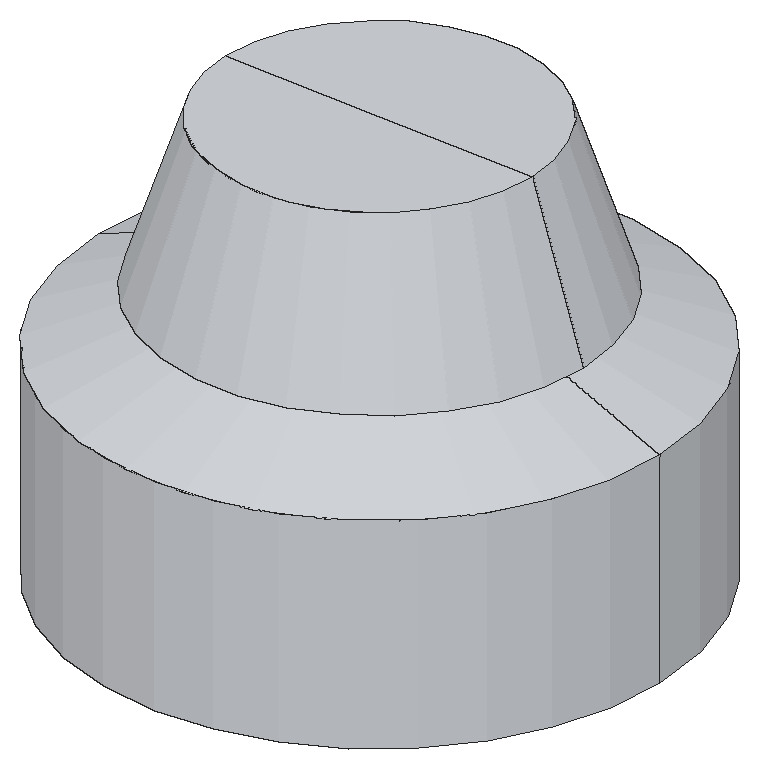
Revit family "30e50e903b114632b4a8c090c2f4f2c4", category Fire Alarm Devices, host Face, Revit 2021
Family settings
  Host = Face
  Maintain Annotation Orientation = Yes
  Round Connector Dimension = Use Diameter
  Part Type = Normal
  OmniClass Number = 23.85.30.21.11.11.11
  OmniClass Title = Smoke Detectors
  Seek Item ID = Smoke Detector - Beam Transmitter-0000-USA-ENU
  Cut with Voids When Loaded = No
  Shared = No
  Room Calculation Point = No
Parameters (values of type "Standard")
  Label = "BT"
  Head Small Radius = 0' - 1 1/2"
  Head Radius = 0' - 2"
  Head Depth = 0' - 1 1/2"
  Default Elevation = 4' - 0"
  Base Radius = 0' - 2 3/4"
  Base Depth = 0' - 2"
Reference planes (in)
  plane 1 "Center (Front/Back)": y = 0
  plane 2 "Bottom": z = 0
  plane 3 "Center (Left/Right)": x = 0
  plane 4: z = 2
  plane 5: z = 2.5
  plane 6: z = 4
  plane 7: x = 1.5
  plane 8: x = 2
  plane 9: x = 2.75
Forms (in)
  Revolve 1, solid, detail levels fine
    sketch origin (0, 0, 0) x (1, 0, 0) y (0, 0, 1)
      loop
        line (0, 4) -> (0, 0) -> (2.75, 0) -> (2.75, 2) -> (1.5, 2.5) -> (2, 2.5) -> (1.5, 4) -> (0, 4)
      axis (0, 0) -> (0, 4)
    angle from 0 to 360
  Revolve 2, solid, detail levels coarse+medium
    sketch origin (0, 0, 0) x (1, 0, 0) y (0, 0, 1)
      loop
        line (0, 4) -> (0, 0) -> (2.75, 0) -> (2.75, 4) -> (0, 4)
      axis (0, 4) -> (0, 0)
    angle from 0 to 360
Lines and regions (in)
  symbolic lines, detail levels fine
    curve 1: circle (0, 0, 0) r 2.75 normal (0, 0, 1)
Dimensions and locks (in)
  "Base Depth": plane 4 to plane 2 "Bottom"
  locked: plane 5 to plane 4 at 0.5
  "Head Depth": plane 6 to plane 5
  "Head Small Radius": plane 7 to plane 3 "Center (Left/Right)"
  "Head Radius": plane 8 to plane 3 "Center (Left/Right)"
  "Base Radius": plane 9 to plane 3 "Center (Left/Right)"
  "Base Radius": radius of curve 1
  aligned and locked: plane 2 "Bottom" to host face
  aligned and locked: level to host face
  aligned and locked: plane 3 "Center (Left/Right)" to Revolve 2 sketch curve
  aligned and locked: Revolve 2 sketch curve to Revolve 1  (x2)
  aligned and locked: Revolve 1 to Revolve 2 sketch curve
  aligned and locked: plane 3 "Center (Left/Right)" to Revolve 1 sketch curve
  aligned and locked: plane 1 "Center (Front/Back)" to Revolve 1 sketch curve
  aligned and locked: nested 1 to plane 1 "Center (Front/Back)"
  aligned and locked: nested 1 to plane 3 "Center (Left/Right)"
Automatic sketch dimensions
  Revolve 1 sketch curve to plane 3 "Center (Left/Right)" = 0' - 0"
  Revolve 1 sketch curve to plane 6 = 0' - 0"
  Revolve 1 sketch curve to plane 7 = 0' - 0"  (x2)
  Revolve 1 sketch curve to plane 5 = 0' - 0"
  Revolve 1 sketch curve to plane 8 = 0' - 0"
  Revolve 1 sketch curve to level = 0' - 0"
  Revolve 1 sketch curve to plane 9 = 0' - 0"
  Revolve 1 sketch curve to plane 4 = 0' - 0"
  Revolve 1 sketch curve to plane 4 = 0' - 0 3/4"
  plane 6 to Revolve 1 sketch curve = 0' - 2 1/4"
  Revolve 2 sketch curve to plane 3 "Center (Left/Right)" = 0' - 0"
  Revolve 2 sketch curve to Revolve 2 sketch curve = 0' - 1 1/2"  (x2)
  curve 1 to plane 1 "Center (Front/Back)" = 0' - 0"
  curve 1 to plane 3 "Center (Left/Right)" = 0' - 0"
  host sketch curve to host sketch curve = 8' - 0"  (x2)
Nested families (in)
  nested 1: "Smoke Detector Annotation" at (0, 0, 0) x (-1, 0, 0) z (0, 0, 1), type "Smoke Detector Annotation", detail levels coarse+medium
Connectors (in)
  electrical at (0, 0, 0)
    settings: on Revolve 1, index 1, voltage 0 V, apparent load 0 VA, apparent load phase1 0 VA, apparent load phase2 0 VA, apparent load phase3 0 VA, power factor 1, load classification "Other", number of poles 1, system type 11, power factor state 1, is connector primary yes, connector utility no, sub classification motor no, connector description ""
Definition of nested family "Smoke Detector Annotation"
  Parameters
    Label Annotation = ""
  Reference planes (in)
    plane 1: y = 0
    plane 2: x = 0
  Lines and regions (in)
    detail lines
      curve 1: circle (0, 0, 0) r 0.15625 normal (0, 0, 1)
  Text (in)
    label "W" at (0.17112, -0.13881, 0), shows "Label Annotation"
    text "S" at (-0.042, 0.06996, 0)
  Dimensions and locks (in)
    aligned and locked: plane 2 to curve 1
    aligned and locked: plane 1 to curve 1
